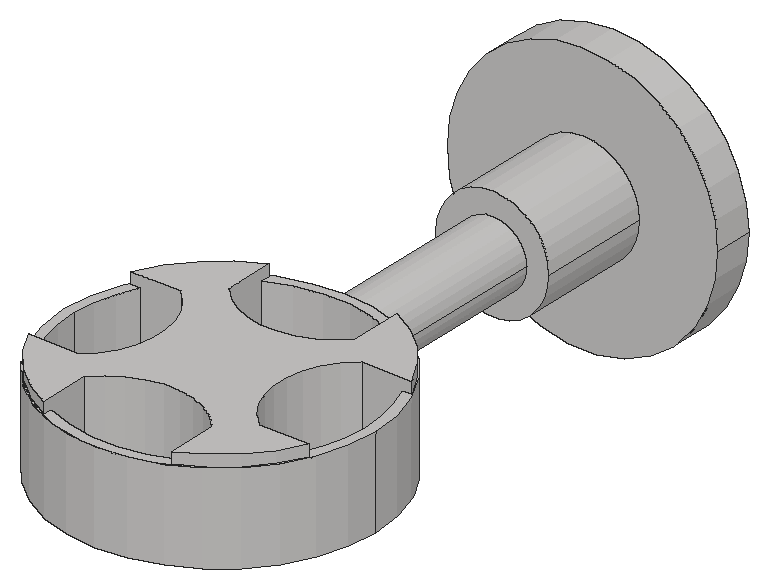
Revit family "T11", category Generic Models, Revit 2021
Family settings
  Can host rebar = No
  Round Connector Dimension = Use Diameter
  Part Type = Normal
  Work Plane-Based = No
  Always vertical = Yes
  Cut with Voids When Loaded = No
  Shared = No
  Room Calculation Point = No
Parameters (values of type "Standard")
  e-mail = "info@vola.com"
  URL = "http://vola.com"
  Telephone = "+45 7023 5500"
  Quality management standard = "ISO 9001"
  Organisation no. / DUNS no. = "17531328"
  Occupational health and safety management standard = "ISO 18001"
  Mounting Instructions = "http://vola.com/service/producturl.ashx?name=T11"
  Model = "T11"
  Materials and components information = "http://vola.com/service/producturl.ashx?name=T11"
  Manufacturer = "VOLA A/S"
  Maintenance Instructions = "http://vola.com/service/producturl.ashx?name=T11"
  Guarantee = "2 years"
  Environmental management standard = "ISO 14000"
  Default Elevation = 0.0000 mm
  Connection - All relevant connections = ""
  Approvals = "http://vola.com/service/producturl.ashx?name=T11"
Reference planes
  plane 1 "Center (Front/Back)": y = 0
  plane 2: z = 0
  plane 3 "Center (Left/Right)": x = 0
Forms (mm)
  Extrusion 1, solid, material "Stainless Steel"
    sketch origin (0, 0, 0) x (1, 0, 0) y (0, 0, 1)
      loop
        circle (0, 0) r 18
    from 0 to 5
  Extrusion 2, solid, material "Stainless Steel"
    sketch origin (0, -5, 0) x (1, 0, 0) y (0, 0, 1)
      loop
        circle (0, 0) r 7.5
    from 0 to 15
  Extrusion 3, solid, material "Stainless Steel"
    sketch origin (0, -20, 0) x (1, 0, 0) y (0, 0, 1)
      loop
        circle (0, 0) r 4.5
    from 0 to 25.598
  Extrusion 4, solid, material "Stainless Steel"
    sketch origin (-0.311, 0, 0) x (1, 0, 0) y (0, 1, 0)
      loop
        circle (0.311, -65.25) r 20.75
      loop
        circle (0.311, -65.25) r 19.4
    from -6 to 6
  Extrusion 5, solid, material "Stainless Steel"
    sketch origin (0, 0, 0) x (1, 0, 0) y (0, 1, 0)
      loop
        arc (-18.655, -73.75) -> (-14.496, -79.746) -> (-8.5, -83.905) r 20.5
        line (-8.5, -83.905) -> (-8.5, -77.255)
        arc (-8.5, -77.255) -> (0, -73.225) -> (8.5, -77.255) r 10.979
        line (8.5, -77.255) -> (8.5, -83.905)
        arc (8.5, -83.905) -> (14.496, -79.746) -> (18.655, -73.75) r 20.5
        line (18.655, -73.75) -> (12.005, -73.75)
        arc (12.005, -73.75) -> (7.975, -65.25) -> (12.005, -56.75) r 10.979
        line (12.005, -56.75) -> (18.655, -56.75)
        arc (18.655, -56.75) -> (14.496, -50.754) -> (8.5, -46.595) r 20.5
        line (8.5, -46.595) -> (8.5, -53.245)
        arc (8.5, -53.245) -> (0, -57.275) -> (-8.5, -53.245) r 10.979
        line (-8.5, -53.245) -> (-8.5, -46.595)
        arc (-8.5, -46.595) -> (-14.496, -50.754) -> (-18.655, -56.75) r 20.5
        line (-18.655, -56.75) -> (-12.005, -56.75)
        arc (-12.005, -56.75) -> (-7.975, -65.25) -> (-12.005, -73.75) r 10.979
        line (-12.005, -73.75) -> (-18.655, -73.75)
    from -6 to 7.5
Cuts and joins
  joined: Extrusion 3, Extrusion 4, Extrusion 5
Dimensions and locks
  aligned and locked: plane 2 to level
